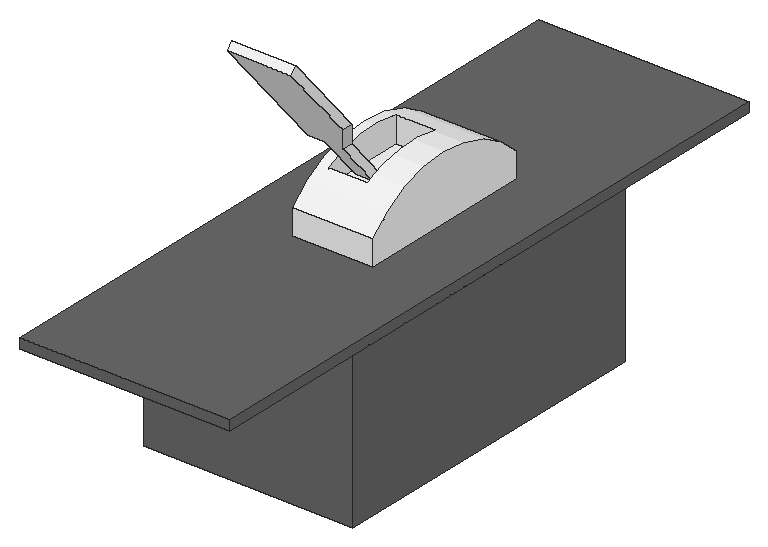
Revit family "Switch_Toggle_Leviton_Toggle-Locking", category Electrical Fixtures, Revit 2024
Family settings
  Round Connector Dimension = Use Diameter
  Part Type = Normal
  Work Plane-Based = Yes
  Always vertical = No
  Cut with Voids When Loaded = No
  Maintain Annotation Orientation = No
  Shared = No
  Room Calculation Point = No
Parameters
  offset [instance] = 0' - 0"
  Warranty Duration (Years) = 0
  Voltage_MEP = 0 V
  Unit Width = 0' - 1 79/256"
  Unit Height = 0' - 4 15/256"
  Unit Depth = 0' - 0 31/32"
  URL = "http://www.leviton.com/OA_HTML/Home.jsp?minisite=10251&respid=22372"
  Termination = "as Specified"
  Switch Height = 0' - 1"
  Standards Conformance = "as Specified"
  Specification = ""
  SpecWizard = ""
  Send Message = "http://www.arcat.com/users.pl?action=UserEmail&company=Leviton+Mfg.+Co.,+Inc.&coid=41690&rep=117&fax=631-812-6252&mf="
  Screw Mounts Location = 0' - 3 9/32"
  Sales Information = "http://www.leviton.com/OA_HTML/SectionDisplay.jsp?section=37579&minisite=10251"
  Revision = "R1_10-2012"
  Projection From Host = 0' - 1 45/128"
  Product Properties = ""
  Product Data = "http://arcat.com/arcatcos/cos41/arc41690.html?isac=1&r=1"
  Number of Poles = 1
  Model = "As Specified"
  Maximum Amperage = 0
  Manufacturer Website = "http://www.leviton.com/OA_HTML/Home.jsp?minisite=10251&respid=22372"
  Manufacturer Phone - Toll Free = "800-323-8920"
  Manufacturer Phone = ""
  Manufacturer Fax = "631-812-6252"
  Manufacturer Address = "201 N. Service Rd. Melville, NY 11747"
  Manufacturer = "Leviton Mfg. Co., Inc."
  Maintenance Schedule (Months) = 0
  MEP Apparent Power = 0 VA
  MEP Amperage = 0 A
  Grounding = "as Specified"
  Backing Color = Thermoplastic - Leviton - Black
  Keynote = "16140"
  Installation-Fabrication = ""
  Installation Phase = "Electrical Wiring"
  HP Rating = "as Specified"
  Green Building-LEED = ""
  Fixture Material = Thermoplastic - Leviton - White
  Fixture Grade = "as Specified"
  Fixture Application = "as Specified"
  Expected Lifespan (Years) = 0
  Drawn By = "Sumex Design, Inc. / Robert S. Weygant, CSI, CDT, SCIP"
  Description = "Leviton Product as Specified"
  Default Elevation = 4' - 0"
  Copyright = "©Arcat Inc."
  Construction Details = ""
  Fixture Height = 0' - 2 31/256"
  Assembly Code = "D5020100"
  Acceptable Loads = "as Specified"
Reference planes (in)
  plane 1 "Center (Front/Back)": y = 0
  plane 2 "Bottom": z = 0
  plane 3 "Center (Left/Right)": x = 0
  plane 4 "Front": y = -2.0293
  plane 5 "Back": y = 2.0293
  plane 6 "Left": x = -0.6543
  plane 7 "Right": x = 0.6543
  plane 8 "Top": z = 1.35156
  plane 9: z = -0.96875
  plane 10: z = 1.17617
  plane 11: y = 1.06055
  plane 12: y = -1.06055
  plane 13: y = 1.64062
  plane 14: y = -1.64063
Forms (in)
  Extrusion 1, solid, material "Thermoplastic - Leviton - Black" <- "Backing Color"
    sketch origin (0, 0, 0) x (1, 0, 0) y (0, 1, 0)
      loop
        line (-0.6543, 2.0293) -> (-0.6543, -2.0293) -> (0.6543, -2.0293) -> (0.6543, 2.0293) -> (-0.6543, 2.0293)
    from 0 to 0.0625
  Extrusion 2, solid, material "Thermoplastic - Leviton - Black" <- "Backing Color"
    sketch origin (0, 0, 0) x (1, 0, 0) y (0, 1, 0)
      loop
        line (-0.6543, 1.06055) -> (-0.6543, -1.06055) -> (0.6543, -1.06055) -> (0.6543, 1.06055) -> (-0.6543, 1.06055)
    from 0 to -0.96875
  Extrusion 3, solid, material "Thermoplastic - Leviton - White" <- "Fixture Material"
    sketch origin (0, 0, 0) x (0, 1, 0) y (0, 0, 1)
      loop
        line (-0.40625, 0.0625) -> (0.71875, 0.0625) -> (0.71875, 0.21911)
        arc (0.71875, 0.21911) -> (0.15625, 0.4625) -> (-0.40625, 0.21911) r 0.77169
        line (-0.40625, 0.21911) -> (-0.40625, 0.0625)
    from -0.25 to 0.25
  Extrusion 4, void
    sketch origin (0, 0, 0) x (1, 0, 0) y (0, 1, 0)
      loop
        line (-0.18771, 0.32775) -> (-0.18771, -0.20059) -> (0.05674, -0.20059) -> (0.05674, 0.32775) -> (-0.18771, 0.32775)
    from 0.27988 to 0.6789
  Extrusion 5, solid, material "Thermoplastic - Leviton - White" <- "Fixture Material"
    sketch origin (-0.0625, 0, 0) x (0, 1, 0) y (0, 0, 1)
      loop
        line (-0.03269, 0.27988) -> (0.03656, 0.27988) -> (-0.86269, 1.35156) -> (-0.90034, 1.31391) -> (-0.03269, 0.27988)
    from -0.19922 to 0.19922
  Extrusion 6, void
    sketch origin (-0.02344, 0, 0) x (1, 0, 0) y (0, 0, 1)
      loop
        line (-0.23828, 0.5625) -> (-0.23828, 0.27988) -> (-0.13068, 0.27988) -> (-0.13068, 0.5625) -> (-0.23828, 0.5625)
      loop
        line (0.16016, 0.83097) -> (-0.02093, 0.5625) -> (-0.02093, 0.27988) -> (0.16016, 0.27988) -> (0.16016, 0.83097)
    from -0.06048 to 0.73949
Cuts and joins
  Extrusion 4 cuts Extrusion 1
  Extrusion 4 cuts Extrusion 2
  Extrusion 4 cuts Extrusion 3
  Extrusion 6 cuts Extrusion 5
Dimensions and locks (in)
  equal spacing: plane 6 "Left", plane 3 "Center (Left/Right)", plane 7 "Right"
  "Unit Width": plane 6 "Left" to plane 7 "Right"
  equal spacing: plane 5 "Back", plane 1 "Center (Front/Back)", plane 4 "Front"
  "Unit Height": plane 5 "Back" to plane 4 "Front"
  "Projection From Host": plane 8 "Top" to level
  "Unit Depth": level to plane 9
  locked: plane 10 to plane 8 "Top" at 0.17539
  equal spacing: plane 11, plane 1 "Center (Front/Back)", plane 12
  "Fixture Height": plane 11 to plane 12
  equal spacing: plane 13, plane 1 "Center (Front/Back)", plane 14
  "Screw Mounts Location": plane 13 to plane 14
  aligned and locked: plane 6 "Left" to Extrusion 1 sketch curve
  aligned and locked: Extrusion 1 sketch curve to plane 5 "Back"
  aligned and locked: plane 4 "Front" to Extrusion 1 sketch curve
  aligned and locked: Extrusion 1 sketch curve to plane 7 "Right"
  aligned and locked: plane 6 "Left" to Extrusion 2 sketch curve
  aligned and locked: Extrusion 2 sketch curve to plane 11
  aligned and locked: plane 12 to Extrusion 2 sketch curve
  aligned and locked: Extrusion 2 sketch curve to plane 7 "Right"
  aligned and locked: Extrusion 2 to plane 9
  aligned and locked: level to Extrusion 2
Automatic sketch dimensions
  level to Extrusion 3 sketch curve = 0' - 0 1/16"
  plane 1 "Center (Front/Back)" to Extrusion 3 sketch curve = 0' - 0 13/32"
  Extrusion 3 sketch curve to plane 1 "Center (Front/Back)" = 0' - 0 5/32"
  Extrusion 3 sketch curve to plane 11 = 0' - 0.3418"
  Extrusion 3 sketch curve to level = 0' - 0.30919"
  Extrusion 3 sketch curve to Extrusion 3 sketch curve = 0' - 0.15661"
  Extrusion 4 sketch curve to plane 3 "Center (Left/Right)" = 0' - 0.18771"
  plane 3 "Center (Left/Right)" to Extrusion 4 sketch curve = 0' - 0.05674"
  plane 1 "Center (Front/Back)" to Extrusion 4 sketch curve = 0' - 0.20059"
  Extrusion 4 sketch curve to plane 1 "Center (Front/Back)" = 0' - 0.32775"
  Extrusion 5 sketch curve to plane 8 "Top" = 0' - 0"
  Extrusion 5 sketch curve to plane 8 "Top" = 0' - 0.03765"
  plane 12 to Extrusion 5 sketch curve = 0' - 0.1602"
  Extrusion 5 sketch curve to Extrusion 5 sketch curve = 0' - 0.03765"
  plane 1 "Center (Front/Back)" to Extrusion 5 sketch curve = 0' - 0.03269"
  Extrusion 5 sketch curve to plane 1 "Center (Front/Back)" = 0' - 0.03656"
  level to Extrusion 5 sketch curve = 0' - 0.27988"
  Extrusion 6 sketch curve to plane 3 "Center (Left/Right)" = 0' - 0 67/256"
  Extrusion 6 sketch curve to Extrusion 6 sketch curve = 0' - 0.1076"
  Extrusion 6 sketch curve to plane 3 "Center (Left/Right)" = 0' - 0.04436"
  plane 3 "Center (Left/Right)" to Extrusion 6 sketch curve = 0' - 0 35/256"
  level to Extrusion 6 sketch curve = 0' - 0.27988"
  Extrusion 6 sketch curve to Extrusion 6 sketch curve = 0' - 0"  (x2)
  Extrusion 6 sketch curve to Extrusion 6 sketch curve = 0' - 0.28262"
  Extrusion 6 sketch curve to Extrusion 6 sketch curve = 0' - 0.26847"
Connectors (in)
  electrical at (0, 0, 0)
    settings: index 1, voltage 0 V, apparent load 0 VA, apparent load phase1 0 VA, apparent load phase2 0 VA, apparent load phase3 0 VA, power factor 1, load classification "Other", number of poles 1, system type 31, power factor state 1, is connector primary yes, connector utility no, sub classification motor no, connector description ""
